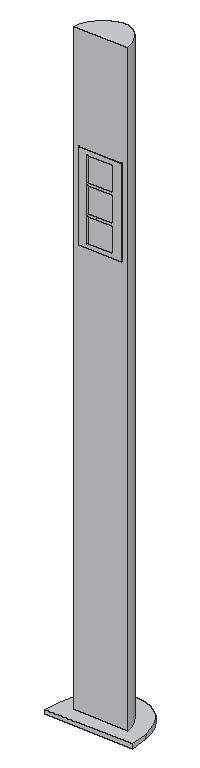
Revit family "Gira_134926", category Electrical Fixtures, host Face, Revit 2017
Family settings
  Host = Face
  Maintain Annotation Orientation = Yes
  Round Connector Dimension = Use Diameter
  Part Type = Normal
  Cut with Voids When Loaded = No
  Shared = No
  Room Calculation Point = No
Parameters (values of type "E-Säule Licht + 3x Leereinheit 769 mm Gira Energiesäule F Alu")
  Werkstoffgüte = "sonstige"
  Werkstoff = "sonstige"
  URL = "http://katalog.gira.de/de_DE/datenblatt.html?artikelnr=134926"
  Tiefe = "0.075 m"
  Schaltfunktion = "ohne"
  Region = "DE"
  Oberfläche = "sonstige"
  Name = "E-Säule Licht + 3x Leereinheit 769 mm Gira Energiesäule F Alu"
  Manufacturer URL = "https://www.gira.de/"
  Keynote = "Energiesäule_3fach"
  Höhe = "0.769 m"
  HeinzeBIM = "https://bimportal.heinze.de/bim/e-saeule-licht-3x-leereinheit-769-mm-gira-energiesaeule-f-alu/a40324afa74b22731aa2fbd3ee68d81aeb4719b7"
  Halogenfrei = "No"
  HAN = "134926"
  Geeignet für Schutzart (IP) = "IP44"
  GTIN = "4010337349266"
  Farbe = "aluminium"
  Default Elevation = 1219.2 mm
  Data sheet (1) = "https://katalog.gira.de/de_DE/download.html?artikelnr=134926"
  Category = "Licht-/Energiesäule"
  Breite = "0.142 m"
  Available = "Yes"
  Ausführung der Oberfläche = "nicht zutreffend"
  Anzahl der Steckdosen = "0 "
Reference planes
  plane 1 "Center (Front/Back)": y = 0
  plane 2: z = 0
  plane 3 "Center (Left/Right)": x = 0
Forms (mm)
  Extrusion 1, solid, detail levels fine
    sketch origin (0, 0, 0) x (1, 0, 0) y (0, 1, 0)
      loop
        arc (-110.443, -35.525) -> (-113.205, -58.763) -> (-114.575, -82.125) r 391.9
        line (-114.575, -82.125) -> (114.575, -82.125)
        arc (114.575, -82.125) -> (113.205, -58.763) -> (110.443, -35.525) r 391.9
        spline (110.443, -35.525) -> (103.119, -6.392) -> (90.176, 19.976) -> (72.318, 42.142) -> (50.519, 58.899) -> (25.967, 69.333) -> (0, 72.875) -> (-25.967, 69.333) -> (-50.519, 58.899) -> (-72.318, 42.142) -> (-90.176, 19.976) -> (-103.119, -6.392) -> (-110.443, -35.525)
      loop
        circle (-21, -1.125) r 16
      loop
        circle (21, -1.125) r 16
    from 0 to 10
  Extrusion 2, solid, detail levels medium+fine
    sketch origin (0, 0, 0) x (1, 0, 0) y (0, 1, 0)
      loop
        line (-71.007, -44.768) -> (71.007, -44.768)
        spline (71.007, -44.768) -> (69.375, -35.583) -> (66.984, -26.66) -> (63.862, -18.098) -> (60.041, -9.991) -> (55.564, -2.426) -> (50.479, 4.513) -> (44.843, 10.75) -> (38.716, 16.217) -> (32.167, 20.856) -> (25.265, 24.614) -> (18.088, 27.45) -> (10.713, 29.335)
        spline (10.713, 29.335) -> (8.658, 29.684) -> (6.596, 29.958) -> (4.528, 30.159) -> (2.457, 30.284) -> (0.384, 30.336) -> (-1.69, 30.312) -> (-3.762, 30.214) -> (-5.831, 30.041) -> (-7.896, 29.794) -> (-9.953, 29.473) -> (-12.003, 29.077) -> (-14.042, 28.609)
        spline (-14.042, 28.609) -> (-21.069, 26.397) -> (-27.883, 23.314) -> (-34.414, 19.39) -> (-40.597, 14.666) -> (-46.369, 9.189) -> (-51.67, 3.014) -> (-56.449, -3.796) -> (-60.655, -11.171) -> (-64.247, -19.038) -> (-67.189, -27.316) -> (-69.45, -35.922) -> (-71.007, -44.768)
    from 10 to 1606
  Extrusion 3, solid, detail levels fine
    sketch origin (0, 0, 0) x (1, 0, 0) y (0, 0, 1)
      loop
        line (-56, 1332) -> (-56, 1101.5) -> (56, 1101.5) -> (56, 1332) -> (-56, 1332)
      loop
        line (33.5, 1321.55) -> (-33.5, 1321.55) -> (-33.5, 1254.55) -> (33.5, 1254.55) -> (33.5, 1321.55)
      loop
        line (33.5, 1250.25) -> (-33.5, 1250.25) -> (-33.5, 1183.25) -> (33.5, 1183.25) -> (33.5, 1250.25)
      loop
        line (33.5, 1178.95) -> (-33.5, 1178.95) -> (-33.5, 1111.95) -> (33.5, 1111.95) -> (33.5, 1178.95)
    from 44.768 to 47
  Extrusion 4, solid, detail levels coarse
    sketch origin (0, 0, 0) x (1, 0, 0) y (0, 1, 0)
      loop
        line (114.575, 72.875) -> (-114.575, 72.875) -> (-114.575, -82.125) -> (114.575, -82.125) -> (114.575, 72.875)
    from 0 to 1616
  Extrusion 5, solid, detail levels medium
    sketch origin (0, 0, 0) x (1, 0, 0) y (0, 1, 0)
      loop
        arc (-110.443, -35.525) -> (-113.205, -58.763) -> (-114.575, -82.125) r 391.9
        line (-114.575, -82.125) -> (114.575, -82.125)
        arc (114.575, -82.125) -> (113.205, -58.763) -> (110.443, -35.525) r 391.9
        spline (110.443, -35.525) -> (103.119, -6.392) -> (90.176, 19.976) -> (72.318, 42.142) -> (50.519, 58.899) -> (25.967, 69.333) -> (0, 72.875) -> (-25.967, 69.333) -> (-50.519, 58.899) -> (-72.318, 42.142) -> (-90.176, 19.976) -> (-103.119, -6.392) -> (-110.443, -35.525)
    from 0 to 10
Dimensions and locks
  aligned and locked: plane 2 to host face
  aligned and locked: level to host face
  aligned and locked: plane 3 "Center (Left/Right)" to nested 1
  aligned and locked: plane 1 "Center (Front/Back)" to nested 1
Nested families
  nested 1: "Steckdose 3-fach Beschriftung" at (0, 0, 0), type "Steckdose 3-fach Beschriftung"
Connectors
  electrical at (0, -4.625, 0)
    settings: on Extrusion 4, index 1, voltage 220 V, apparent load 0 VA, apparent load phase1 0 VA, apparent load phase2 0 VA, apparent load phase3 0 VA, power factor 1, load classification "Other", number of poles 1, system type 30, power factor state 1, is connector primary yes, connector utility no, sub classification motor no, connector description ""
Definition of nested family "Steckdose 3-fach Beschriftung"
  Reference planes
    plane 1: y = 0
    plane 2: x = 0
  Lines and regions (mm)
    detail lines
      curve 1: line (0, 0, 0) -> (0, 2, 0)
      curve 2: line (-1, 2, 0) -> (1, 2, 0)
      curve 4: arc (-1, 3, 0) -> (0, 2, 0) -> (1, 3, 0) r 1
      curve 6: line (1, 2, 0) -> (3, 2, 0)
      curve 7: arc (1, 3, 0) -> (2, 2, 0) -> (3, 3, 0) r 1
      curve 8: line (-3, 2, 0) -> (-1, 2, 0)
      curve 9: arc (-3, 3, 0) -> (-2, 2, 0) -> (-1, 3, 0) r 1
    reference lines
      curve 3: line (-1.485, 3, 0) -> (1.315, 3, 0)
      curve 5: line (0, 1, 0) -> (-1, 1, 0)
  Dimensions and locks
    curve 1 to curve 1 = 2 mm
    curve 2 to curve 2 = 2 mm
    plane 1 to curve 3 = 3 mm
